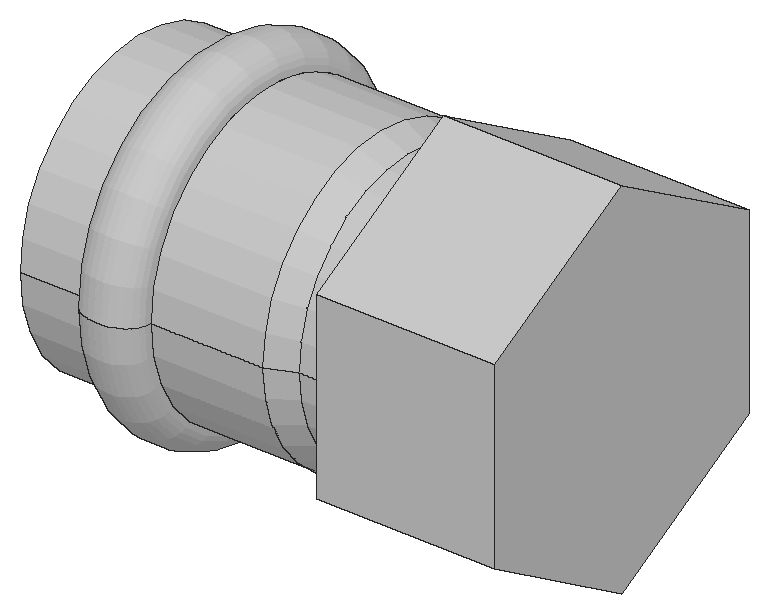
Revit family "VTi.902.I_Пресс_фитинг_Внут резьба_Нерж_VALTEC", category Соединительные детали трубопроводов, Revit 2023
Family settings
  Размер круглого соединителя = Использовать диаметр
  Тип детали = Соединение
  На основе рабочей плоскости = Нет
  Всегда вертикально = Да
  При загрузке вырезать с полостями = Нет
  Общий = Нет
Parameters
  Отметка по умолчанию = 0.00 mm
  Видимость_8 [instance] = d_гайки > 57.00 mm  # no
  Видимость_6 [instance] = d_гайки < 57.00 mm  # yes
  l7 [instance] = size_lookup(LT, "l7", 15.00 mm, dn1, dn2)  # 21.50 mm
  l6 [instance] = size_lookup(LT, "l6", 19.00 mm, dn1, dn2)  # 27.49 mm
  l5 [instance] = size_lookup(LT, "l5", 5.50 mm, dn1, dn2)  # 5.50 mm
  l4 [instance] = size_lookup(LT, "l4", 1.50 mm, dn1, dn2)  # 4.07 mm
  l3 [instance] = size_lookup(LT, "l3", 7.50 mm, dn1, dn2)  # 17.35 mm
  l2 [instance] = size_lookup(LT, "l2", 8.00 mm, dn1, dn2)  # 10.17 mm
  l1 [instance] = size_lookup(LT, "l1", 6.50 mm, dn1, dn2)  # 9.91 mm
  h_выступа [instance] = size_lookup(LT, "h_выступа", 2.63 mm, dn1, dn2)  # 4.00 mm
  dn2 [instance] = 42 mm
  dn1 [instance] = 42 mm
  d_гайки [instance] = size_lookup(LT, "d_гайки", 27.00 mm, dn1, dn2)  # 56.28 mm
  d2 [instance] = size_lookup(LT, "d2", 13 mm, dn1, dn2)  # 42 mm
  d1 [instance] = size_lookup(LT, "d1", 14 mm, dn1, dn2)  # 45.5 mm
  LT [instance] = "VTi.902.I_Пресс_фитинг_Внут резьба_Нерж_VALTEC"  # constant formula
  ADSK_Примечание [instance] = ""
  ADSK_Позиция [instance] = ""
  ADSK_Обозначение [instance] = ADSK_Марка  # "VTi.902.I.004208"
  ADSK_Наименование [instance] = size_lookup(LT, "", "Типоразмер не найден", dn1, dn2)  # "Пресс-фитинг из нержавеющей стали с внутренней резьбой 42 мм х 1 1/2\""
  ADSK_Материал = Сталь, нержавеющая - VALTEC
  ADSK_Масса [instance] = size_lookup(LT, "ADSK_Масса", 0, dn1, dn2)  # 0.124
  ADSK_Марка [instance] = size_lookup(LT, "ADSK_Марка", "Типоразмер не найден", dn1, dn2)  # "VTi.902.I.004208"
  ADSK_Количество = 1  # constant formula
  ADSK_Код изделия [instance] = "VTi.902.I"  # constant formula
  ADSK_Завод-изготовитель [instance] = "VALTEC"  # constant formula
  ADSK_Единица измерения = "шт."  # constant formula
Reference planes
  plane 1 "По центру (Вперед/Назад)": y = 0
  plane 2: z = 0
  plane 3 "По центру (Влево/Вправо)": x = 0
  plane 4: x = -4.07
  plane 5: x = -21.42
  plane 6: x = -31.59
  plane 7: x = -41.5
  plane 8: x = 5.5
  plane 9: x = 32.99
  plane 10: y = 22.75
  plane 11: y = -22.75
  plane 12 "Соединитель_Внутренний": x = 11.49
Forms (mm)
  Revolve 1, solid, material "Сталь, нержавеющая - VALTEC" <- "ADSK_Материал"
    sketch origin (0, 0, 0) x (1, 0, 0) y (0, 1, 0)
      loop
        line (-41.5, 0) -> (-4.07, 0) -> (-4.07, 22.75) -> (-21.42, 22.75)
        spline (-21.42, 22.75) -> (-21.593, 23.785) -> (-22.101, 24.75) -> (-22.909, 25.578) -> (-23.962, 26.214) -> (-25.189, 26.614) -> (-26.505, 26.75) -> (-27.821, 26.614) -> (-29.047, 26.214) -> (-30.101, 25.578) -> (-30.909, 24.75) -> (-31.417, 23.785) -> (-31.59, 22.75)
        line (-31.59, 22.75) -> (-41.5, 22.75) -> (-41.5, 0)
      axis (-41.5, 0) -> (-4.07, 0)
    angle from 0 to 360
  SweptBlend 2, solid, material "Сталь, нержавеющая - VALTEC" <- "ADSK_Материал"
    path in 3D
      loop
        line (-4.07, 0, 0) -> (0, 0, 0)
    profile origin (-4.07, 0, 0) x (0, 1, 0) y (0, 0, 1)
      loop
        circle (0, 0) r 22.75
    end profile origin (0, 0, 0) x (0, 1, 0) y (0, 0, 1)
      loop
        circle (0, 0) r 21
  Sweep 3, solid, material "Сталь, нержавеющая - VALTEC" <- "ADSK_Материал"
    path in 3D
      loop
        line (0, 0, 0) -> (5.5, 0, 0)
    profile origin (2.75, 0, 0) x (0, 1, 0) y (0, 0, 1)
      loop
        circle (0, 0) r 21
Cuts and joins
  joined: Revolve 1, SweptBlend 2, Sweep 3
Lines and regions (mm)
  model lines
    curve 1: line (-41.5, 0, 0) -> (-4.07, 0, 0)
    curve 2: line (-4.07, 0, 0) -> (0, 0, 0)
    curve 3: line (0, 0, 0) -> (5.5, 0, 0)
  sketch lines
    curve 4: line (-4.07, 0, 0) -> (0, 0, 0)
    curve 5: line (0, 0, 0) -> (5.5, 0, 0)
Dimensions and locks
  equal spacing: plane 11, plane 1 "По центру (Вперед/Назад)", plane 10
  "d1": plane 11 to plane 10
  "l3": plane 5 to plane 4
  "l2": plane 6 to plane 5
  "l1": plane 7 to plane 6
  "l4": plane 4 to plane 3 "По центру (Влево/Вправо)"
  "l5": plane 3 "По центру (Влево/Вправо)" to plane 8
  "l6": plane 8 to plane 9
  "h_выступа": Revolve 1 sketch curve to Revolve 1 sketch curve
  "l7": plane 12 "Соединитель_Внутренний" to plane 9
  "d1": diameter of SweptBlend 2 sketch curve
  "d2": diameter of SweptBlend 2 sketch curve
  "d2": diameter of Sweep 3 sketch curve
  aligned and locked: level to plane 2
  aligned and locked: nested 1 to plane 8
  aligned and locked: plane 1 "По центру (Вперед/Назад)" to nested 1
  aligned and locked: nested 2 to plane 8
  aligned and locked: plane 1 "По центру (Вперед/Назад)" to nested 2
  aligned and locked: Revolve 1 sketch curve to plane 1 "По центру (Вперед/Назад)"
  aligned and locked: plane 7 to Revolve 1 sketch curve
  aligned and locked: Revolve 1 sketch curve to plane 4
  aligned and locked: plane 10 to Revolve 1 sketch curve  (x2)
  aligned and locked: plane 1 "По центру (Вперед/Назад)" to Revolve 1 sketch curve
  aligned and locked: plane 8 to curve 3
  aligned and locked: plane 1 "По центру (Вперед/Назад)" to curve 3
  aligned and locked: plane 3 "По центру (Влево/Вправо)" to curve 2
  aligned and locked: plane 1 "По центру (Вперед/Назад)" to curve 2
  aligned and locked: plane 7 to curve 1
  aligned and locked: plane 4 to curve 1
  aligned and locked: plane 1 "По центру (Вперед/Назад)" to curve 1
Automatic sketch dimensions
  Revolve 1 sketch curve to plane 7 = 0.00 mm
  Revolve 1 sketch curve to plane 6 = 0.00 mm
  Revolve 1 sketch curve to plane 5 = 0.00 mm
  Revolve 1 sketch curve to plane 4 = 0.00 mm
  SweptBlend 2 sketch curve to profile plane = 0.00 mm  (x4)
  Sweep 3 sketch curve to profile plane = 0.00 mm  (x2)
Nested families
  nested 1: "Гайка_6 сторон" at (32.99, 0, 0) x (0, 1, 0) z (0, 0, 1), L <- "l6", d <- "d_гайки", visible <- "Видимость_6", ADSK_Материал <- "ADSK_Материал", type "Гайка_6 сторон"
    with m 48.74 mm, d 56.28 mm, L 27.49 mm, ADSK_Материал Сталь, нержавеющая - VALTEC
  nested 2: "Гайка_8 сторон" at (5.5, 0, 0), d <- "d_гайки", L <- "l6", visible <- "Видимость_8", ADSK_Материал <- "ADSK_Материал", type "Гайка_8 сторон"
    with m 52.016 mm, d 56.28 mm, L 27.49 mm, ADSK_Материал Сталь, нержавеющая - VALTEC
Connectors
  piping at (-41.5, 0, 0), diameter 42, driven by "dn1"
    settings: on Revolve 1, index 1, connector inside diameter 609.6 mm, connector length 0.00 mm, flow factor 0, pipe flow 0.0 L/s, pressure drop 0.0 Pa, fitting loss kfactor 0, connector angle 0.00°, fixture units 0, engagement length 0.00 mm, angle of deflection 0.00°, flow configuration 0, flow direction 0, fitting loss method 0, system type 28, joint type 0, gender type 0, connector reference index 2, connector utility 0, adjustable connector no, is connector primary yes, connector description ""
  piping at (11.49, 0, 0), diameter 42, driven by "dn2"
    settings: index 2, connector inside diameter 609.6 mm, connector length 0.00 mm, flow factor 0, pipe flow 0.0 L/s, pressure drop 0.0 Pa, fitting loss kfactor 0, connector angle 0.00°, fixture units 0, engagement length 0.00 mm, angle of deflection 0.00°, flow configuration 0, flow direction 0, fitting loss method 0, system type 28, joint type 0, gender type 0, connector reference index 1, connector utility 0, adjustable connector no, is connector primary no, connector description ""
Definition of nested family "Гайка_6 сторон"
  Parameters (values of type "Гайка_6 сторон")
    Default Elevation = 0.00 mm
    m [instance] = (d / 2) / (2 * tan(180.00° / 6)) * 2  # 12.99 mm
    d [instance] = 15.00 mm
    L [instance] = 15.008 mm
    ADSK_Материал [instance] = none
  Reference planes
    plane 1 "По центру (Вперед/Назад)": y = 0
    plane 2: z = 0
    plane 3 "По центру (Влево/Вправо)": x = 0
    plane 4: x = -6.495
    plane 5: x = 6.495
    plane 6: z = 7.5
    plane 7: z = -7.5
    plane 8: through (-4.434, -1524, 2.56) normal (0.5, 0, 0.866)
    plane 9: through (4.434, -1524, 2.56) normal (0.5, 0, -0.866)
    plane 10: through (-1.187, -1524, 8.185) normal (0.5, 0, 0.866)
    plane 11: through (-7.682, -1524, -3.065) normal (0.5, 0, 0.866)
    plane 12: through (1.187, -1524, 8.185) normal (0.5, 0, -0.866)
    plane 13: through (7.682, -1524, -3.065) normal (0.5, 0, -0.866)
    plane 14: y = 15.008
  Forms (mm)
    Extrusion 1, solid, material <- "ADSK_Материал"
      sketch origin (0, 0, 0) x (1, 0, 0) y (0, 0, 1)
        loop
          line (0, 7.5) -> (-6.495, 3.75) -> (-6.495, -3.75) -> (0, -7.5) -> (6.495, -3.75) -> (6.495, 3.75) -> (0, 7.5)
      from -15.008 to 0
  Dimensions and locks
    equal spacing: plane 5, plane 3 "По центру (Влево/Вправо)", plane 4
    "m": plane 5 to plane 4
    equal spacing: plane 6, plane 2, plane 7
    "d": plane 6 to plane 7
    equal spacing: plane 12, plane 9, plane 13
    "m": plane 12 to plane 13
    equal spacing: plane 10, plane 8, plane 11
    "m": plane 10 to plane 11
    "L": plane 1 "По центру (Вперед/Назад)" to plane 14
    aligned and locked: level to plane 2
    aligned and locked: Extrusion 1 sketch curve to plane 4
    aligned and locked: plane 12 to Extrusion 1 sketch curve
    aligned and locked: plane 10 to Extrusion 1 sketch curve
    aligned and locked: Extrusion 1 sketch curve to plane 5
    aligned and locked: Extrusion 1 sketch curve to plane 13
    aligned and locked: Extrusion 1 sketch curve to plane 11
    aligned and locked: plane 1 "По центру (Вперед/Назад)" to Extrusion 1
    aligned and locked: plane 14 to Extrusion 1
Definition of nested family "Гайка_8 сторон"
  Parameters (values of type "Гайка_8 сторон")
    Default Elevation = 0.00 mm
    m [instance] = (d / 2) / (2 * tan(180.00° / 6.3351)) * 2  # 60.075 mm
    d [instance] = 65.00 mm
    L [instance] = 40.346 mm
    ADSK_Материал [instance] = none
  Reference planes
    plane 1 "По центру (Вперед/Назад)": y = 0
    plane 2: z = 0
    plane 3 "По центру (Влево/Вправо)": x = 0
    plane 4: through (0, 0, 0) normal (0, 0.7071, -0.7071)
    plane 5: through (0, 0, 0) normal (0, 0.7071, 0.7071)
    plane 6: through (0, 0, 0) normal (0, 0.9239, -0.3827)
    plane 7: through (0, 0, 0) normal (0, 0.9239, 0.3827)
    plane 8: through (0, 29.684, -6.827) normal (0, 0.9239, -0.3827)
    plane 9: through (0, -25.818, 16.162) normal (0, 0.9239, -0.3827)
    plane 10: through (0, 0, 0) normal (0, 0.3827, 0.9239)
    plane 11: through (0, 0, 0) normal (0, -0.3827, 0.9239)
    plane 12: through (0, 34.476, 18.232) normal (0, 0.3827, 0.9239)
    plane 13: through (0, 11.486, -37.27) normal (0, 0.3827, 0.9239)
    plane 14: through (0, -34.476, 18.232) normal (0, 0.3827, -0.9239)
    plane 15: through (0, -11.486, -37.27) normal (0, 0.3827, -0.9239)
    plane 16: through (0, -37.27, 11.486) normal (0, -0.9239, -0.3827)
    plane 17: through (0, 18.232, 34.476) normal (0, -0.9239, -0.3827)
    plane 18: x = 40.346
  Forms (mm)
    Extrusion 1, solid, material <- "ADSK_Материал"
      sketch origin (0, 0, 0) x (0, 1, 0) y (0, 0, 1)
        loop
          line (0, 32.512) -> (-22.99, 22.99) -> (-32.512, 0) -> (-22.99, -22.99) -> (0, -32.512) -> (22.99, -22.99) -> (32.512, 0) -> (22.99, 22.99) -> (0, 32.512)
      from 0 to 40.346
  Dimensions and locks
    equal spacing: plane 8, plane 6, plane 9
    "m": plane 8 to plane 9
    equal spacing: plane 12, plane 10, plane 13
    "m": plane 12 to plane 13
    equal spacing: plane 15, plane 11, plane 14
    "m": plane 15 to plane 14
    equal spacing: plane 16, plane 7, plane 17
    "m": plane 16 to plane 17
    "L": plane 3 "По центру (Влево/Вправо)" to plane 18
    angle plane 14 to plane 7 = 90.00°
    aligned and locked: level to plane 2
    aligned and locked: Extrusion 1 sketch curve to plane 12
    aligned and locked: plane 17 to Extrusion 1 sketch curve
    aligned and locked: Extrusion 1 sketch curve to plane 8
    aligned and locked: plane 15 to Extrusion 1 sketch curve
    aligned and locked: Extrusion 1 sketch curve to plane 13
    aligned and locked: Extrusion 1 sketch curve to plane 16
    aligned and locked: Extrusion 1 sketch curve to plane 9
    aligned and locked: plane 14 to Extrusion 1 sketch curve
    aligned and locked: plane 18 to Extrusion 1
Types in the file's own list only (12): name | Отметка по умолчанию
  Пресс-фитинг из нержавеющей стали с внутренней резьбой 12 мм х 1/2" | 0.00 мм
  Пресс-фитинг из нержавеющей стали с внутренней резьбой 15 мм х 1/2" | 0.00 мм
  Пресс-фитинг из нержавеющей стали с внутренней резьбой 18 мм х 1/2" | 0.00 мм
  Пресс-фитинг из нержавеющей стали с внутренней резьбой 18 мм х 3/4" | 0.00 мм
  Пресс-фитинг из нержавеющей стали с внутренней резьбой 22 мм х 1/2" | 0.00 мм
  Пресс-фитинг из нержавеющей стали с внутренней резьбой 22 мм х 3/4" | 0.00 мм
  Пресс-фитинг из нержавеющей стали с внутренней резьбой 28 мм х 1" | 0.00 мм
  Пресс-фитинг из нержавеющей стали с внутренней резьбой 28 мм х 3/4" | 0.00 мм
  Пресс-фитинг из нержавеющей стали с внутренней резьбой 35 мм х 1" | 0.00 мм
  Пресс-фитинг из нержавеющей стали с внутренней резьбой 35 мм х 1 1/4" | 0.00 мм
  Пресс-фитинг из нержавеющей стали с внутренней резьбой 42 мм х 1 1/2" | 0.00 мм
  Пресс-фитинг из нержавеющей стали с внутренней резьбой 54мм х 2" | 0.00 мм
